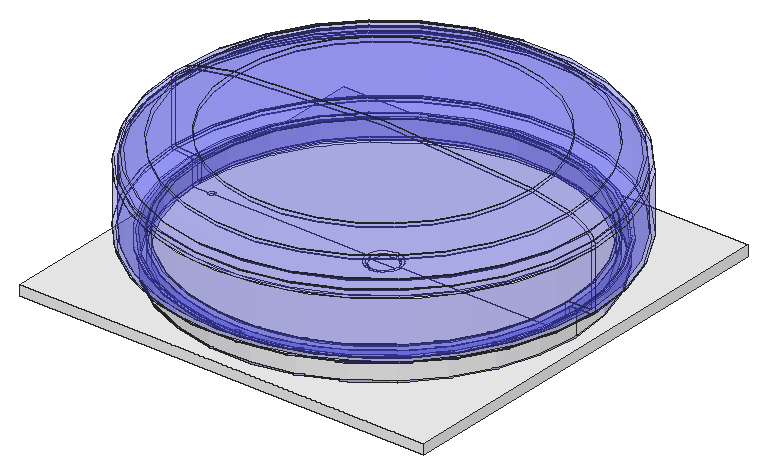
Revit family "BE_50038_de_DE", category Leuchten, Revit 2020
Family settings
  Basisbauteil = Fläche
  Bemaßung runder Anschluss = Durchmesser verwenden
  Teiletyp = Normal
  Beim Laden mit Abzugskörper schneiden = Ja
  Lichtquelle = Ja
  Gemeinsam genutzt = Nein
  Raumberechnungspunkt = Ja
Parameters (values of type "BEGA_50038_K4")
  built-in parameter 1150104 = 11.669 (stored number, unit not read)
  Wattage = 43.5 W
  Default Elevation = 0 mm
  built-in parameter 1150113 = 1 (stored number, unit not read)
  built-in parameter 1114218 = 1 (stored number, unit not read)
  Umgebungstemperatur = "25 °C"
  URL = "https://www.bega.com/de/produkt/50038"
  Typenkommentare = "© 2022 BEGA. Wir behalten uns das Recht vor, technische Änderungen ohne vorherige Ankündigung vorzunehmen."  # constant formula
  built-in parameter 1150134 = (empty or 0)
  built-in parameter 1150109 = 1 (stored number, unit not read)
  Strom = ""
  built-in parameter 1150110 = 1 (stored number, unit not read)
  Spannung = 239.996 V
  Sonderanfertigung = no
  Seriennummer [instance] = "Hier können Sie die eindeutige Seriennummer für das Facility Management eintragen."
  Schutzklasse = "I"
  Schutzart = "IP 20"
  Scheinlast = 0 VA
  Produktdatenblatt = "http://www.bega.de/download/Xrfa/db/50038.db.de.pdf"
  Oberflächentemperatur = ""
  Neigungswinkel = 0.00°
  Model = "50038K2"
  Material_17 = BEGA_Reflektor
  Material_15 = BEGA_Leuchtmedium_matt
  Material_11 = BEGA_Glas_opal
  Material_09 = BEGA_Glas_klar
  Material_06 = BEGA_Oberfläche_Edelstahl_gebürstet
  Material_03 = BEGA_Oberfläche_Weiss_matt
  Material_02 = BEGA_Oberfläche_Silber_matt
  Material_01 [instance] = BEGA_Oberfläche_Grafit_matt
  M_W = no
  M_G = no
  M_A = no
  Logo = 0
  built-in parameter 1114217 = 1 (stored number, unit not read)
  built-in parameter 1150139 = (empty or 0)
  built-in parameter 1150105 = 1101.3 (stored number, unit not read)
  built-in parameter 1150114 = 1 (stored number, unit not read)
  Lumens = 5463.6 lm
  built-in parameter 1150115 = 1 (stored number, unit not read)
  Leuchtenlichtstrom = "3387 lm"
  Leuchtenanzahl = ""
  Lebensdauerkriterien = "L70B50 @ 25 °C = 120000 h"
  Lastklassifizierung = Beleuchtung
  built-in parameter 1150112 = 1 (stored number, unit not read)
  Lampenlichtstrom = "5465 lm"
  Lamp = "LED 43.5 W"
  LED_Modulbezeichnung = "LED-0630/927"
  Hersteller = "BEGA"  # constant formula
  Halbstreuwinkel = ""
  Gewicht = "5.0 kg"
  Gebrauchslageneinschränkung [instance] = ""
  Frequenz = "0/50-60 Hz"
  Farbwiedergabeindex = "CRI > 90"
  Farbtemperaturverschiebung bei Dämpfen der Lampe = <Keine Auswahl>
  Farbtemperatur = "2700 K"
  Color Filter = 16777215
  built-in parameter 1150133 = 10 (stored number, unit not read)
  Energieeffizienzklasse = "LED A++ - A"
  built-in parameter 1150137 = (empty or 0)
  built-in parameter 1150132 = (empty or 0)
  ENEC = "ja"
  Dimmbar [instance] = "DALI"
  Photometric Web File = "BE_50038K2.IES"
  CE_Konformität = "ja"
  Bestellnummer = "50038K2"
  Beschreibung_Sonderanfertigung = "Hier können Sie Informationen zur Sonderanfertigung eintragen."
  Beschreibung = "Decken- und Wandleuchte"
  built-in parameter 1150106 = 11.013 (stored number, unit not read)
  Befestigungsbohrung = "Ø 6 mm"
  Befestigungsabstand = "340 mm"
  Ballwurfsicher = ""
  BEGA_Intern_aus = yes
  BEGA_Intern_an = yes
  BEGA_Intern_Konstruktion = yes
  BEGA_Intern = yes
  BEGA_IES = yes
  BEGA_Dummy = no
  Anschlussleitung = ""
  Anschlussleistung [instance] = "48 W"
  Anschlusskasten = ""
  built-in parameter 1150107 = 2700 (stored number, unit not read)
  built-in parameter 1150102 = (empty or 0)
  built-in parameter 1150138 = (empty or 0)
  Aktualisierung = "2020-05-11T04:00:10"
  Abstand_zur_angestrahlten_Fläche [instance] = ""
  AC/DC = "AC/DC"
Types (3, lengths in mm): name | built-in parameter 1150104 | built-in parameter 1150134 | Model | built-in parameter 1150105 | Lumens | Leuchtenlichtstrom | Lampenlichtstrom | LED_Modulbezeichnung | Farbtemperatur | Photometric Web File | Bestellnummer | built-in parameter 1150106 | built-in parameter 1150107
  BEGA_50038_K4 | 12.18 (stored number, unit not read) | 12 | "50038K4" | 453.82 (stored number, unit not read) | 5702.85 lm | "3988 lm" | "6435 lm" | "LED-0630/930" | "4000 K" | "BE_50038K4.IES" | "50038K4" | 4.5382 (stored number, unit not read) | 4000 (stored number, unit not read)
  BEGA_50038_K3 | 11.762 (stored number, unit not read) | (empty or 0) | "50038K3" | 1110.1 (stored number, unit not read) | 5507.1 lm | "3988 lm" | "6435 lm" | "LED-0630/930" | "3000 K" | "BE_50038K3.IES" | "50038K3" | 11.101 (stored number, unit not read) | 3000 (stored number, unit not read)
  BEGA_50038_K27 | 12.18 (stored number, unit not read) | 12 | "50038K27" | 453.82 (stored number, unit not read) | 5702.85 lm | "3858 lm" | "6225 lm" | "LED-0630/927" | "2700 K" | "BE_50038K27.IES" | "50038K27" | 4.5382 (stored number, unit not read) | 4000 (stored number, unit not read)
Reference planes
  plane 1 "Mitte (Vorne/Hinten)": y = 0
  plane 2: z = 0
  plane 3 "Mitte (Links/Rechts)": x = 0
  plane 4 "Links": x = -210
  plane 5 "Rechts": x = 210
  plane 6 "Unten": y = -210
  plane 7 "Oben": y = 210
  plane 8 "Vorne": z = 127.8
  plane 9 "Hinten": z = 0
Forms (mm)
  Extrusion 1, solid, material "BEGA_Platte_Weiss"
    sketch origin (0, -1119.2, 0) x (1, 0, 0) y (0, 1, 0)
      loop
        line (-200, 1319.2) -> (-200, 919.2) -> (200, 919.2) -> (200, 1319.2) -> (-200, 1319.2)
    from 0 to -10
  Extrusion 2, solid, material "BEGA_Dummy_matt", visible <- "BEGA_Dummy"
    sketch origin (77.149, -76.023, 0) x (1, 0, 0) y (0, 1, 0)
      loop
        circle (-77.149, 76.023) r 210
    from 0 to 127.8
Dimensions and locks
  plane 1 "Mitte (Vorne/Hinten)" to Extrusion 1 = 200 mm
  aligned and locked: plane 2 to Extrusion 1
  aligned and locked: level to Extrusion 1
Nested families
  nested 1: "BE_50038" at (0, 0, 0) x (0, -1, 0) z (0, 0, 1), type "BE_50038"
Connectors
  electrical at (0, 0, 0), driven by "Lastklassifizierung", driven by "Spannung", driven by "Scheinlast"
    settings: index 1, voltage 239.996 V, apparent load 0 VA, apparent load phase1 0 VA, apparent load phase2 0 VA, apparent load phase3 0 VA, power factor 1, load classification "Beleuchtung", number of poles 1, system type 31, power factor state 1, is connector primary yes, connector utility no, sub classification motor no, connector description ""
Definition of nested family "BE_50038"
  Parameters (values of type "BE_50038")
    Default Elevation = 1 mm
    URL = "http://www.bega.de/de/produkt"
    Type Comments = "© 2015 BEGA. Wir behalten uns das Recht vor, technische Änderungen ohne vorherige Ankündigung vorzunehmen. "  # constant formula
    Type Image = (empty or 0)
    Neigungswinkel_um_Z2 = 0.00°
    Neigungswinkel_um_Z1 = 0.00°
    Neigungswinkel_um_Y2 = 0.00°
    Neigungswinkel_um_Y1 = 0.00°
    Neigungswinkel_um_X2 = 0.00°
    Neigungswinkel_um_X1 = 0.00°
    Material_17 = none
    Material_15 = none
    Material_11 = none
    Material_09 = none
    Material_06 = none
    Material_05 = none
    Material_03 = none
    Material_02 = none
    Material_01 = none
    M_W = yes
    M_G = yes
    M_A = yes
    Länge_Platte = 600 mm  # constant formula
    Höhe_Platte = -10 mm  # constant formula
    Manufacturer = "BEGA"  # constant formula
    Drehwinkel_um_Z2 = 0.00°
    Drehwinkel_um_Z1 = 0.00°
    Breite_Platte = 600 mm  # constant formula
  Reference planes
    plane 1 "Mitte (Oben/Unten)": y = 0
    plane 2: z = 0
    plane 3 "Mitte (Links/Rechts)": x = 0
    plane 4: y = 210
    plane 5: z = 127.8
    plane 6: y = -210
    plane 7: x = -210
    plane 8: x = 210
  Forms (mm)
    Extrusion 1, solid, detail levels medium
      sketch origin (0, 0, 0) x (1, 0, 0) y (0, 1, 0)
        loop
          line (-300, 300) -> (-300, -300) -> (300, -300) -> (300, 300) -> (-300, 300)
      from 0 to -10 <- "Höhe_Platte"
    Revolve 2, solid, material <- "Material_03", detail levels medium+fine
      sketch origin (0, 0, 0) x (0, 1, 0) y (0, 0, 1)
        loop
          arc (16.416, 3.3) -> (15.11, 2.929) -> (14.191, 1.93) r 2.5
          arc (14.191, 1.93) -> (13.639, 1.325) -> (12.852, 1.1) r 1.5
          line (12.852, 1.1) -> (0.002, 1.1) -> (0.002, 0.1) -> (13.076, 0.1)
          arc (13.076, 0.1) -> (14.387, 0.471) -> (15.313, 1.475) r 2.5
          arc (15.313, 1.475) -> (15.866, 2.077) -> (16.653, 2.3) r 1.5
          line (16.653, 2.3) -> (188.667, 2.3)
          arc (188.667, 2.3) -> (190.064, 2.868) -> (190.667, 4.25) r 2
          line (190.667, 4.25) -> (191.038, 25.509)
          arc (191.038, 25.509) -> (191.277, 26.071) -> (191.842, 26.3) r 0.8
          line (191.842, 26.3) -> (194, 26.3) -> (194, 27.3) -> (191.844, 27.3)
          arc (191.844, 27.3) -> (190.578, 26.786) -> (190.038, 25.531) r 1.8
          line (190.038, 25.531) -> (189.667, 4.275)
          arc (189.667, 4.275) -> (189.365, 3.584) -> (188.667, 3.3) r 1
          line (188.667, 3.3) -> (16.416, 3.3)
        axis (0.002, 0.1) -> (0.002, 27.3)
      angle from 0 to 360
    Revolve 3, solid, material <- "Material_03", detail levels medium+fine
      sketch origin (87.5, 0, 0) x (0, 1, 0) y (0, 0, 1)
        loop
          line (151.554, 0) -> (151.554, 2.691) -> (145.799, 2.691)
          arc (145.799, 2.691) -> (148.377, 0.706) -> (151.554, 0) r 7.5
        axis (151.554, 2.691) -> (151.554, 0)
      angle from 0 to 360
    Extrusion 4, void
      sketch origin (0, 0, 0) x (1, 0, 0) y (0, 1, 0)
        loop
          circle (163, 18) r 8.5
        loop
          circle (163, -18) r 8.5
        loop
          circle (0, 170) r 3
        loop
          circle (0, -170) r 3
      from 0 to 7.205
    Revolve 5, solid, material <- "Material_11", detail levels medium+fine
      sketch origin (0, 0, 0) x (0, 1, 0) y (0, 0, 1)
        loop
          arc (185.037, 111.947) -> (166.501, 116.443) -> (147.656, 119.387) r 230
          arc (147.656, 119.387) -> (73.948, 125.695) -> (0, 127.8) r 1299.91
          line (0, 127.8) -> (0, 123.8)
          arc (0, 123.8) -> (73.763, 121.699) -> (147.287, 115.403) r 1295.91
          arc (147.287, 115.403) -> (165.775, 112.509) -> (183.961, 108.094) r 226
          arc (183.961, 108.094) -> (193.162, 104.323) -> (201.339, 98.662) r 46
          arc (201.339, 98.662) -> (203.744, 95.883) -> (205.275, 92.542) r 13
          arc (205.275, 92.542) -> (205.818, 90.189) -> (206, 87.78) r 16
          line (206, 87.78) -> (206, 32.958) -> (182.901, 31.748)
          arc (182.901, 31.748) -> (180.841, 30.798) -> (180, 28.691) r 3.061
          line (180, 28.691) -> (180, 10.3) -> (184, 10.3) -> (184, 26.851)
          arc (184, 26.851) -> (184.275, 27.539) -> (184.948, 27.85) r 1
          line (184.948, 27.85) -> (207.172, 29.014)
          arc (207.172, 29.014) -> (209.181, 29.95) -> (210, 32.009) r 3
          line (210, 32.009) -> (210, 87.839)
          arc (210, 87.839) -> (209.678, 91.376) -> (208.735, 94.8) r 20
          arc (208.735, 94.8) -> (206.78, 98.538) -> (203.964, 101.679) r 17
          arc (203.964, 101.679) -> (195.06, 107.844) -> (185.037, 111.947) r 50
        axis (0, 127.8) -> (0, 10.3)
      angle from 0 to 360
    Revolve 6, solid, material <- "Material_03", detail levels medium+fine
      sketch origin (-43.75, -75.777, 0) x (0.866025, -0.5, 0) y (0, 0, 1)
        loop
          line (151.554, 0) -> (151.554, 2.691) -> (145.799, 2.691)
          arc (145.799, 2.691) -> (148.377, 0.706) -> (151.554, 0) r 7.5
        axis (151.554, 2.691) -> (151.554, 0)
      angle from 0 to 360
    Revolve 7, solid, material <- "Material_03", detail levels medium+fine
      sketch origin (-43.75, 75.777, 0) x (-0.866025, -0.5, 0) y (0, 0, 1)
        loop
          line (151.554, 0) -> (151.554, 2.691) -> (145.799, 2.691)
          arc (145.799, 2.691) -> (148.377, 0.706) -> (151.554, 0) r 7.5
        axis (151.554, 2.691) -> (151.554, 0)
      angle from 0 to 360
  Cuts and joins
    Extrusion 4 cuts Revolve 2
    Extrusion 4 cuts Revolve 3
    joined: Revolve 2, Revolve 3, Revolve 6, Revolve 7
  Dimensions and locks
    equal spacing: Extrusion 1 sketch curve, plane 3 "Mitte (Links/Rechts)", Extrusion 1 sketch curve
    equal spacing: Extrusion 1 sketch curve, plane 1 "Mitte (Oben/Unten)", Extrusion 1 sketch curve
    "Länge_Platte": Extrusion 1 sketch curve to Extrusion 1 sketch curve
    "Breite_Platte": Extrusion 1 sketch curve to Extrusion 1 sketch curve
    aligned and locked: Extrusion 1 to plane 2
    aligned and locked: level to Extrusion 1
  Automatic sketch dimensions
    Revolve 2 sketch curve to Revolve 2 sketch curve = 0 mm  (x14)
    level to Revolve 2 sketch curve = 2.6 mm
    Revolve 2 sketch curve to plane 1 "Mitte (Oben/Unten)" = 12.849 mm
    Revolve 2 sketch curve to Revolve 2 sketch curve = 0.003 mm
    Revolve 2 sketch curve to Revolve 2 sketch curve = 0.227 mm
    Revolve 2 sketch curve to Revolve 2 sketch curve = 3.34 mm
    level to Revolve 2 sketch curve = 0.8 mm
    Revolve 2 sketch curve to Revolve 2 sketch curve = 0.005 mm
    Revolve 2 sketch curve to Revolve 2 sketch curve = 0.236 mm
    level to Revolve 2 sketch curve = 3.3 mm
    level to Revolve 2 sketch curve = 4.275 mm
    Revolve 2 sketch curve to Revolve 2 sketch curve = 1 mm  (x6)
    level to Revolve 2 sketch curve = 4.25 mm
    Revolve 2 sketch curve to Revolve 2 sketch curve = 0.8 mm
    Revolve 2 sketch curve to Revolve 2 sketch curve = 0.004 mm  (x2)
    Revolve 2 sketch curve to Revolve 2 sketch curve = 0.002 mm
    Revolve 2 sketch curve to Revolve 2 sketch curve = 2.158 mm
    level to Revolve 2 sketch curve = 0.1 mm
    Revolve 2 sketch curve to Revolve 2 sketch curve = 21.25 mm
    Revolve 2 sketch curve to Revolve 2 sketch curve = 0.009 mm
    Revolve 2 sketch curve to plane 1 "Mitte (Oben/Unten)" = 0.002 mm
    Revolve 2 sketch curve to Revolve 2 sketch curve = 1.118 mm
    Revolve 3 sketch curve to Revolve 3 sketch curve = 0 mm  (x3)
    Revolve 3 sketch curve to Revolve 3 sketch curve = 4.809 mm
    Revolve 3 sketch curve to Revolve 3 sketch curve = 2.309 mm
    Revolve 3 sketch curve to Revolve 3 sketch curve = 5.756 mm
    Revolve 6 sketch curve to Revolve 6 sketch curve = 0 mm  (x3)
    Revolve 6 sketch curve to Revolve 6 sketch curve = 4.809 mm
    Revolve 6 sketch curve to Revolve 6 sketch curve = 2.309 mm
    Revolve 6 sketch curve to Revolve 6 sketch curve = 5.756 mm
    Revolve 7 sketch curve to Revolve 7 sketch curve = 0 mm  (x3)
    Revolve 7 sketch curve to Revolve 7 sketch curve = 4.809 mm
    Revolve 7 sketch curve to Revolve 7 sketch curve = 2.309 mm
    Revolve 7 sketch curve to Revolve 7 sketch curve = 5.756 mm
    Revolve 3 sketch curve to level = 0 mm
    Revolve 6 sketch curve to level = 0 mm
    level to Revolve 7 sketch curve = 0 mm
    plane 1 "Mitte (Oben/Unten)" to Extrusion 4 sketch curve = 18 mm
    Extrusion 4 sketch curve to plane 1 "Mitte (Oben/Unten)" = 18 mm
    Revolve 5 sketch curve to Revolve 5 sketch curve = 0 mm  (x18)
    plane 1 "Mitte (Oben/Unten)" to Revolve 5 sketch curve = 0 mm
    Revolve 5 sketch curve to plane 1 "Mitte (Oben/Unten)" = 0.006 mm
    Revolve 5 sketch curve to Revolve 5 sketch curve = 2.901 mm
    Revolve 5 sketch curve to Revolve 5 sketch curve = 3.061 mm
    Revolve 5 sketch curve to Revolve 5 sketch curve = 4 mm  (x3)
    Revolve 5 sketch curve to Revolve 5 sketch curve = 1 mm  (x2)
    Revolve 5 sketch curve to Revolve 5 sketch curve = 2.81 mm
    Revolve 5 sketch curve to Revolve 5 sketch curve = 13.19 mm
    Revolve 5 sketch curve to Revolve 5 sketch curve = 0.172 mm
    Revolve 5 sketch curve to level = 1172.111 mm
    Revolve 5 sketch curve to level = 109.132 mm
    level to Revolve 5 sketch curve = 10.3 mm
    Revolve 5 sketch curve to Revolve 5 sketch curve = 16.551 mm
    Revolve 5 sketch curve to Revolve 5 sketch curve = 1.84 mm
    Revolve 5 sketch curve to Revolve 5 sketch curve = 2.163 mm
    Revolve 5 sketch curve to Revolve 5 sketch curve = 2.995 mm
    Revolve 5 sketch curve to Revolve 5 sketch curve = 0.949 mm
    Revolve 5 sketch curve to Revolve 5 sketch curve = 32.146 mm
    Revolve 5 sketch curve to Revolve 5 sketch curve = 0.02 mm
    Revolve 5 sketch curve to Revolve 5 sketch curve = 0.059 mm
    Revolve 5 sketch curve to Revolve 5 sketch curve = 1.05 mm
    Revolve 5 sketch curve to Revolve 5 sketch curve = 0.369 mm
    Revolve 5 sketch curve to Revolve 5 sketch curve = 6.039 mm
    Revolve 5 sketch curve to Revolve 5 sketch curve = 0.052 mm
    Revolve 5 sketch curve to Revolve 5 sketch curve = 2.626 mm
    Revolve 5 sketch curve to Revolve 5 sketch curve = 3.46 mm
    Revolve 5 sketch curve to Revolve 5 sketch curve = 23.886 mm
    level to Revolve 5 sketch curve = 123.8 mm
    Revolve 5 sketch curve to Revolve 5 sketch curve = 1.076 mm
    Revolve 5 sketch curve to Revolve 5 sketch curve = 4.661 mm
    Revolve 5 sketch curve to Revolve 5 sketch curve = 0.725 mm
    Revolve 5 sketch curve to Revolve 5 sketch curve = 6.968 mm
    Revolve 2 sketch curve to Revolve 2 sketch curve = 172.015 mm
    Revolve 2 sketch curve to Revolve 2 sketch curve = 0.371 mm
    Revolve 3 sketch curve to plane 1 "Mitte (Oben/Unten)" = 145.799 mm
    Revolve 5 sketch curve to plane 1 "Mitte (Oben/Unten)" = 121.603 mm
    Revolve 5 sketch curve to plane 1 "Mitte (Oben/Unten)" = 171.218 mm
    Revolve 5 sketch curve to Revolve 5 sketch curve = 8.782 mm
    Revolve 5 sketch curve to Revolve 5 sketch curve = 18.782 mm
    Revolve 5 sketch curve to Revolve 5 sketch curve = 36.674 mm
    Extrusion 4 sketch curve to plane 3 "Mitte (Links/Rechts)" = 0 mm  (x2)
    plane 3 "Mitte (Links/Rechts)" to Extrusion 4 sketch curve = 163 mm
    Extrusion 4 sketch curve to Extrusion 4 sketch curve = 0 mm
    plane 6 to Extrusion 4 sketch curve = 40 mm
    plane 4 to Extrusion 4 sketch curve = 40 mm
    radius of Extrusion 4 sketch curve = 8.5 mm  (x2)
    radius of Extrusion 4 sketch curve = 3 mm  (x2)
